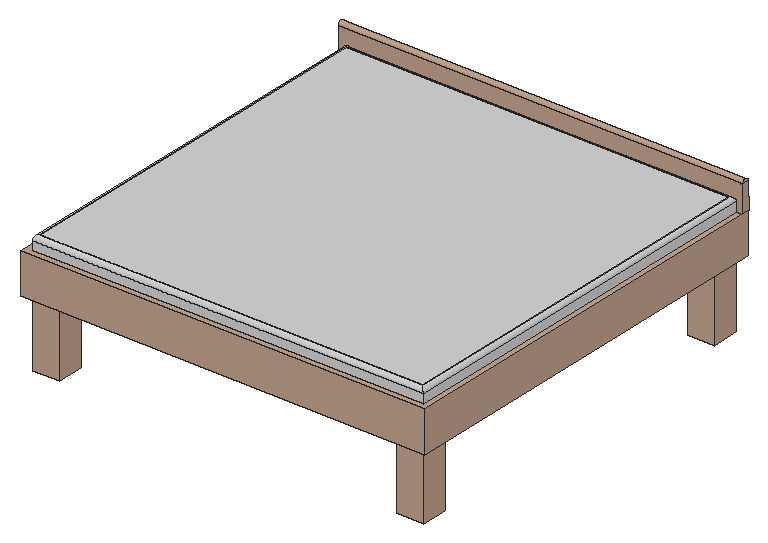
Revit family
Parameters (values of type "1500 x 1500 mm")
  Width = 1500 mm
  Material of Mattress = Mattress Material
  Material of Base = Base Material
  Length = 1500 mm
  Height-Back = 100 mm
  Height = 400 mm
Types (4, lengths in mm): name | Width | Length
  (no name) | 1500 | 1500
  1800 x 1800 mm | 1800 | 1800
  1500 x 1800 mm | 1500 | 1800
  1500 x 1500 mm | 1500 | 1500
Reference planes
  plane 1 "Center (Front/Back)": y = 0
  plane 2: z = 0
  plane 3 "Center (Left/Right)": x = 0
  plane 4: x = -750
  plane 5: x = 750
  plane 6: y = 750
  plane 7: y = -750
  plane 8: z = 400
  plane 9: z = 500
Forms (mm)
  Extrusion 1, solid, material "Base Material" <- "Material of Base"
    sketch origin (0, 0, 0) x (1, 0, 0) y (0, 1, 0)
      loop
        line (-750, 750) -> (-750, -750) -> (750, -750) -> (750, 750) -> (-750, 750)
      loop
        line (-725, 725) -> (-725, -725) -> (725, -725) -> (725, 725) -> (-725, 725)
    from 250 to 400
  Extrusion 2, solid, material "Base Material" <- "Material of Base"
    sketch origin (0, 0, 0) x (1, 0, 0) y (0, 1, 0)
      loop
        arc (-701.17, 725) -> (-718.02, 718.02) -> (-725, 701.17) r 23.83
        line (-725, 701.17) -> (-725, -701.17)
        arc (-725, -701.17) -> (-718.02, -718.02) -> (-701.17, -725) r 23.83
        line (-701.17, -725) -> (701.17, -725)
        arc (701.17, -725) -> (718.02, -718.02) -> (725, -701.17) r 23.83
        line (725, -701.17) -> (725, 701.17)
        arc (725, 701.17) -> (718.02, 718.02) -> (701.17, 725) r 23.83
        line (701.17, 725) -> (-701.17, 725)
    from 300 to 350
  Extrusion 3, solid, material "Base Material" <- "Material of Base"
    sketch origin (0, 0, 0) x (1, 0, 0) y (0, 1, 0)
      loop
        line (-725, 725) -> (-725, 625) -> (-625, 625) -> (-625, 725) -> (-725, 725)
      loop
        line (725, 725) -> (625, 725) -> (625, 625) -> (725, 625) -> (725, 725)
      loop
        line (725, -725) -> (725, -625) -> (625, -625) -> (625, -725) -> (725, -725)
      loop
        line (-725, -725) -> (-625, -725) -> (-625, -625) -> (-725, -625) -> (-725, -725)
    from 0 to 300
  Extrusion 4, solid, material "Mattress Material" <- "Material of Mattress"
    sketch origin (0, 0, 400) x (-1, 0, 0) y (0, 1, 0)
      loop
        line (710, 710) -> (-710, 710) -> (-710, -710) -> (710, -710) -> (710, 710)
    from -50 to 50
  Extrusion 5, solid, material "Base Material" <- "Material of Base"
    sketch origin (0, 0, 400) x (-1, 0, 0) y (0, 1, 0)
      loop
        line (750, 750) -> (-750, 750) -> (-750, 725) -> (750, 725) -> (750, 750)
    from 0 to -100
  Sweep 6, solid, material "Mattress Material" <- "Material of Mattress"
    path origin (0, 0, 400) x (-1, 0, 0) y (0, -1, 0)
      loop
        line (710, -710) -> (710, 710) -> (-710, 710) -> (-710, -710) -> (710, -710)
    profile origin (0, 0, 0) x (0, 1, 0) y (0, 0, 1)
      loop
        line (710, 350) -> (725, 350) -> (725, 432.124)
        arc (725, 432.124) -> (721.089, 444.073) -> (710, 450) r 16.873
        line (710, 450) -> (710, 350)
  Sweep 7, solid, material "Base Material" <- "Material of Base"
    path in 3D
      loop
        line (-750, 725, 500) -> (750, 725, 500)
    profile origin (0, 0, 0) x (0, 1, 0) y (0, 0, 1)
      loop
        arc (750, 500) -> (737.5, 512.5) -> (725, 500) r 12.5
        line (725, 500) -> (750, 500)
Lines and regions (mm)
  sketch lines
    curve 1: line (-750, 725, 500) -> (750, 725, 500)
Dimensions and locks
  equal spacing: plane 4, plane 3 "Center (Left/Right)", plane 5
  "Width": plane 4 to plane 5
  equal spacing: plane 7, plane 1 "Center (Front/Back)", plane 6
  "Length": plane 7 to plane 6
  "Height": plane 8 to level
  "Height-Back": plane 9 to plane 8
  aligned and locked: plane 4 to Extrusion 1 sketch curve
  aligned and locked: plane 6 to Extrusion 1 sketch curve
  aligned and locked: plane 7 to Extrusion 1 sketch curve
  aligned and locked: Extrusion 1 sketch curve to plane 5
  aligned and locked: Extrusion 1 to Extrusion 2 sketch curve  (x2)
  aligned and locked: Extrusion 1 to Extrusion 3 sketch curve
  aligned and locked: plane 8 to Extrusion 1
  aligned and locked: Extrusion 5 to Extrusion 1
  aligned and locked: Extrusion 4 to Extrusion 2
  aligned and locked: Sweep 6 sketch curve to Extrusion 4  (x3)
  aligned and locked: Extrusion 4 to Sweep 6 sketch curve
  aligned and locked: plane 9 to Extrusion 5
  aligned and locked: Extrusion 5 to Sweep 7 sketch curve
Automatic sketch dimensions
  Extrusion 5 sketch curve to plane 5 = 0 mm
  Extrusion 5 sketch curve to plane 4 = 0 mm
  Extrusion 5 sketch curve to plane 6 = 0 mm
  plane 4 to Extrusion 1 sketch curve = 25 mm
  Extrusion 1 sketch curve to plane 5 = 25 mm
  Extrusion 1 sketch curve to plane 7 = 25 mm
  plane 6 to Extrusion 1 sketch curve = 25 mm
  plane 4 to Extrusion 3 sketch curve = 25 mm
  Extrusion 3 sketch curve to plane 7 = 25 mm  (x2)
  Extrusion 3 sketch curve to Extrusion 3 sketch curve = 100 mm  (x5)
  Extrusion 3 sketch curve to plane 5 = 125 mm  (x2)
  plane 6 to Extrusion 3 sketch curve = 25 mm  (x2)
  Extrusion 3 sketch curve to plane 5 = 25 mm  (x2)
  plane 6 to Extrusion 3 sketch curve = 125 mm
  plane 4 to Extrusion 4 sketch curve = 40 mm
  plane 6 to Extrusion 4 sketch curve = 40 mm
  Extrusion 4 sketch curve to plane 5 = 40 mm
  Extrusion 4 sketch curve to plane 7 = 40 mm
  plane 6 to Extrusion 5 sketch curve = 25 mm
  Sweep 6 sketch curve to profile plane = 0 mm
  profile plane to Sweep 6 sketch curve = 1.837 mm
  Sweep 6 sketch curve to Sweep 6 sketch curve = 15 mm
  plane 8 to Sweep 6 sketch curve = 50 mm
  Sweep 6 sketch curve to plane 8 = 32.124 mm
  Sweep 6 sketch curve to Sweep 6 sketch curve = 1.104 mm
  Sweep 7 sketch curve to profile plane = 0 mm
  Sweep 7 sketch curve to Sweep 7 sketch curve = 12.5 mm
  Extrusion 2 sketch curve to Extrusion 2 sketch curve = 23.83 mm  (x3)
  Extrusion 2 sketch curve to plane 7 = 48.83 mm
  plane 4 to Extrusion 2 sketch curve = 48.83 mm  (x2)
